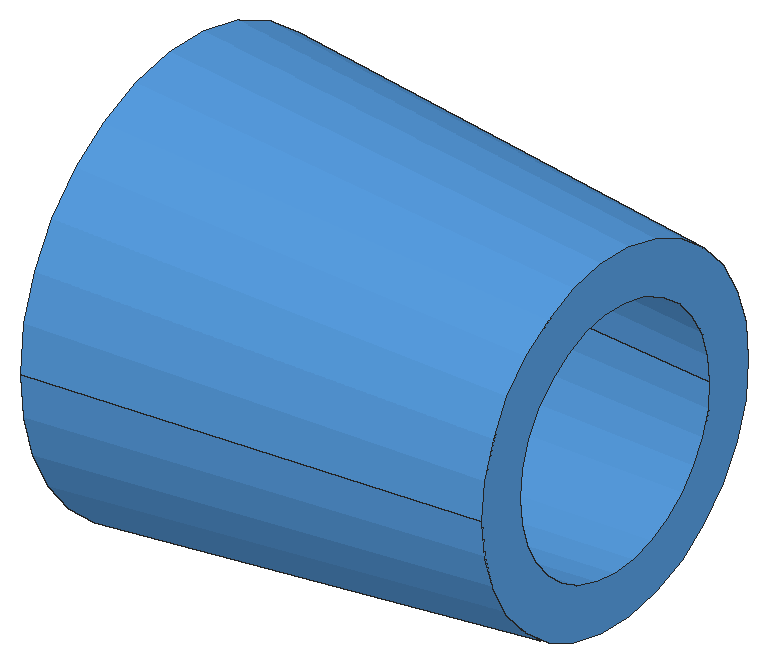
Revit family "BMP_PPR_Reducer", category Pipe Fittings, Revit 2024
Family settings
  Round Connector Dimension = Use Diameter
  Part Type = Transition
  Work Plane-Based = Yes
  Always vertical = No
  Cut with Voids When Loaded = No
  Shared = No
Parameters (values of type "25x20 mm")
  Default Elevation = 1219.2 mm
  BMP_Z_mm = 6 mm
  BMP_Z2_mm = 6 mm
  BMP_Start_mm = -BMP_L_mm / 2  # -18 mm
  BMP_Parametric_Revision = "2.0"
  BMP_PN_bar = 20
  BMP_Manufacturer = "Binh Minh Plastics - independent catalogue-based BIM"
  BMP_L_mm = 36 mm
  BMP_H_mm = 18 mm
  BMP_H2_mm = 18 mm
  BMP_Geometry_Note = "Native parametric simplified fitting; editable type dimensions in millimeters."
  BMP_End_mm = BMP_L_mm / 2  # 18 mm
  BMP_D_mm = 35 mm
  BMP_DN_mm = 25 mm
  BMP_DN2_mm = 20 mm
  BMP_D2_mm = 28 mm
  BMP_Catalogue_PDF_Page = "100"
  BMP_Bore_mm = 25 mm
  BMP_Bore2_mm = 20 mm
Types (14, lengths in mm): name | BMP_Z_mm | BMP_Z2_mm | BMP_Start_mm | BMP_L_mm | BMP_H_mm | BMP_H2_mm | BMP_End_mm | BMP_D_mm | BMP_DN_mm | BMP_DN2_mm | BMP_D2_mm | BMP_Bore_mm | BMP_Bore2_mm
  25x20 mm | 6 | 6 | -18 | 36 | 18 | 18 | 18 | 35 | 25 | 20 | 28 | 25 | 20
  32x20 mm | 9 | 9 | -21 | 42 | 21 | 21 | 21 | 43 | 32 | 20 | 28 | 32 | 20
  32x25 mm | 7 | 7 | -20.5 | 41 | 20.5 | 20.5 | 20.5 | 43 | 32 | 25 | 35 | 32 | 25
  40x20 mm | 15 | 15 | -25 | 50 | 25 | 25 | 25 | 52 | 40 | 20 | 28 | 40 | 20
  40x25 mm | 11 | 11 | -23.5 | 47 | 23.5 | 23.5 | 23.5 | 52 | 40 | 25 | 35 | 40 | 25
  40x32 mm | 10 | 10 | -24 | 48 | 24 | 24 | 24 | 52 | 40 | 32 | 43 | 40 | 32
  50x25 mm | 19 | 19 | -29.5 | 59 | 29.5 | 29.5 | 29.5 | 64 | 50 | 25 | 35 | 50 | 25
  50x32 mm | 14 | 14 | -28 | 56 | 28 | 28 | 28 | 64 | 50 | 32 | 43 | 50 | 32
  50x40 mm | 11 | 11 | -27.5 | 55 | 27.5 | 27.5 | 27.5 | 64 | 50 | 40 | 52 | 50 | 40
  63x20 mm | 30 | 30 | -36 | 72 | 36 | 36 | 36 | 82 | 63 | 20 | 28 | 63 | 20
  63x25 mm | 28 | 28 | -36 | 72 | 36 | 36 | 36 | 82 | 63 | 25 | 35 | 63 | 25
  63x32 mm | 28 | 28 | -36.5 | 73 | 36.5 | 36.5 | 36.5 | 82 | 63 | 32 | 43 | 63 | 32
  63x40 mm | 17 | 17 | -31 | 62 | 31 | 31 | 31 | 82 | 63 | 40 | 52 | 63 | 40
  63x50 mm | 15 | 15 | -33 | 66 | 33 | 33 | 33 | 82 | 63 | 50 | 64 | 63 | 50
Reference planes
  plane 1 "Center (Front/Back)": y = 0
  plane 2: z = 0
  plane 3 "Center (Left/Right)": x = 0
Forms (mm)
  Blend 1, solid, material "BMP_PPR"
    base sketch origin (0, 0, 0) x (0, 1, 0) y (0, 0, 1)
      loop
        circle (0, 0) r 17.5
    top sketch origin (0, 0, 0) x (0, 1, 0) y (0, 0, 1)
      loop
        circle (0, 0) r 14
    from -18 <- "BMP_Start_mm" to 18 <- "BMP_End_mm"
  Blend 2, void
    base sketch origin (0, 0, 0) x (0, 1, 0) y (0, 0, 1)
      loop
        circle (0, 0) r 12.5
    top sketch origin (0, 0, 0) x (0, 1, 0) y (0, 0, 1)
      loop
        circle (0, 0) r 10
    from -18 <- "BMP_Start_mm" to 18 <- "BMP_End_mm"
Cuts and joins
  Blend 2 cuts Blend 1
Lines and regions (mm)
  reference lines, not visible
    curve 1: line (0, 3000, 0) -> (0, -3000, 0)
    curve 2: line (0, 0, 3000) -> (0, 0, -3000)
    curve 3: line (0, 3000, 0) -> (0, -3000, 0)
    curve 4: line (0, 0, 3000) -> (0, 0, -3000)
    curve 5: line (0, -3000, 0) -> (0, 3000, 0)
    curve 6: line (0, 0, -3000) -> (0, 0, 3000)
    curve 7: line (0, -3000, 0) -> (0, 3000, 0)
    curve 8: line (0, 0, -3000) -> (0, 0, 3000)
Dimensions and locks
  "BMP_D_mm": diameter of Blend 1 sketch curve  (x2)
  "BMP_D2_mm": diameter of Blend 1 sketch curve  (x2)
  "BMP_Bore_mm": diameter of Blend 2 sketch curve  (x2)
  "BMP_Bore2_mm": diameter of Blend 2 sketch curve  (x2)
  aligned and locked: level to plane 2
  aligned and locked: curve 1 to Blend 1 sketch curve
  aligned and locked: curve 2 to Blend 1 sketch curve
  aligned and locked: curve 3 to Blend 1 sketch curve
  aligned and locked: curve 4 to Blend 1 sketch curve
  aligned and locked: curve 5 to Blend 2 sketch curve
  aligned and locked: curve 6 to Blend 2 sketch curve
  aligned and locked: curve 7 to Blend 2 sketch curve
  aligned and locked: curve 8 to Blend 2 sketch curve
Automatic sketch dimensions
  curve 1 to level = 0 mm
  plane 1 "Center (Front/Back)" to curve 1 = 3000 mm
  curve 1 to plane 1 "Center (Front/Back)" = 3000 mm
  curve 2 to plane 1 "Center (Front/Back)" = 0 mm
  curve 2 to level = 3000 mm
  level to curve 2 = 3000 mm
  curve 3 to level = 0 mm
  curve 3 to curve 1 = 0 mm  (x2)
  curve 4 to plane 1 "Center (Front/Back)" = 0 mm
  curve 4 to curve 2 = 0 mm  (x2)
  curve 5 to level = 0 mm
  curve 5 to curve 1 = 0 mm  (x2)
  curve 6 to plane 1 "Center (Front/Back)" = 0 mm
  curve 6 to curve 2 = 0 mm  (x2)
  curve 7 to level = 0 mm
  curve 7 to curve 1 = 0 mm  (x2)
  curve 8 to plane 1 "Center (Front/Back)" = 0 mm
  curve 8 to curve 2 = 0 mm  (x2)
Connectors
  piping at (-18, 0, 0), diameter 25, driven by "BMP_DN_mm"
    settings: on cut or joined group of Blend 1, Blend 2, index 1, connector inside diameter 609.6 mm, connector length 0 mm, flow factor 0, pipe flow 0.0 L/s, pressure drop 0.0 Pa, fitting loss kfactor 0, connector angle 0.00°, fixture units 0, engagement length 0 mm, angle of deflection 0.00°, flow configuration 0, flow direction 0, fitting loss method 0, system type 28, joint type 0, gender type 0, connector reference index 2, connector utility 0, adjustable connector no, is connector primary yes, connector description ""
  piping at (18, 0, 0), diameter 20, driven by "BMP_DN2_mm"
    settings: on cut or joined group of Blend 1, Blend 2, index 2, connector inside diameter 609.6 mm, connector length 0 mm, flow factor 0, pipe flow 0.0 L/s, pressure drop 0.0 Pa, fitting loss kfactor 0, connector angle 0.00°, fixture units 0, engagement length 0 mm, angle of deflection 0.00°, flow configuration 0, flow direction 0, fitting loss method 0, system type 28, joint type 0, gender type 0, connector reference index 1, connector utility 0, adjustable connector no, is connector primary no, connector description ""
